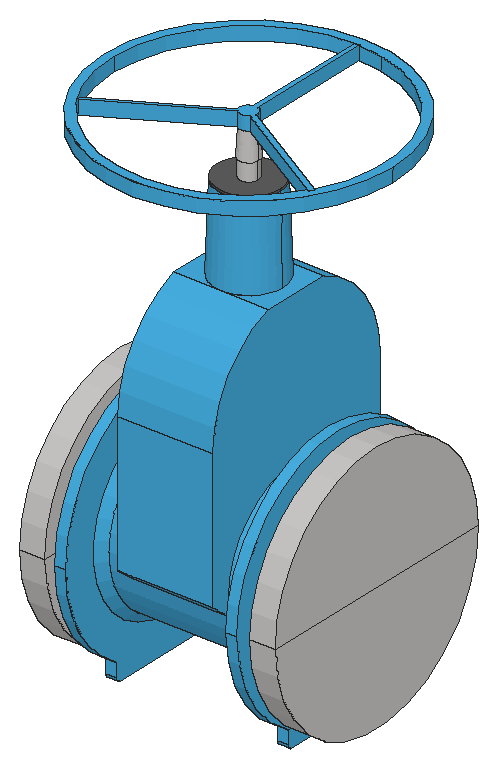
Revit family "Hawle_Задвижка 4000А_DN80-DN300", category Арматура трубопроводов, Revit 2017
Family settings
  Размер круглого соединителя = Использовать диаметр
  Тип детали = Вставляется
  На основе рабочей плоскости = Нет
  Всегда вертикально = Да
  При загрузке вырезать с полостями = Нет
  Общий = Нет
Parameters
  Штурвал [instance] = yes
  Ширина_Корпус [instance] = size_lookup(Таблица размеры, "Ширина_Корпус", 0 mm, DN)  # 105 mm
  Таблица размеры = "Hawle_Задвижка 4000А_DN80-DN300_размеры"  # constant formula
  Разработчик модели (URL) = "http://prorubim.com/ru/"  # constant formula
  Разработчик (телефон) = "+7(495)649-85-43"  # constant formula
  Разработчик (email) = "office@prorubim.com"  # constant formula
  Разработчик = "ООО ПРОРУБИМ"  # constant formula
  Переключатель УГО [instance] = no
  Ответный фланец [instance] = yes
  Описание = "Упругозапирающаяся клиновая задвижка со свободным проходным каналом"  # constant formula
  Низ [instance] = size_lookup(Таблица размеры, "Низ", 0 mm, DN)  # 76 mm
  Материал_Шпиндель = Hawle_Нержавеющая сталь
  Материал_Пыльник = Hawle_PE
  Материал_Фланцы = Hawle_Нержавеющая сталь
  Материал_Корпус = Hawle_Чугун
  Изготовитель телефон = "+7(812)6707670"  # constant formula
  Изготовитель email = "info@hawle-sevkom.ru"  # constant formula
  Изготовитель = "ООО Хавле-Севком"  # constant formula
  Верх [instance] = size_lookup(Таблица размеры, "Верх", 0 mm, DN)  # 70 mm
  f [instance] = size_lookup(Таблица размеры, "f", 0 mm, DN)  # 4 mm
  d4 [instance] = size_lookup(Таблица размеры, "d4", 0 mm, DN)  # 207 mm
  d1/2 [instance] = d1 / 2  # 10 mm
  d1 [instance] = size_lookup(Таблица размеры, "d1", 0 mm, DN)  # 20 mm
  b [instance] = size_lookup(Таблица размеры, "b", 0 mm, DN)  # 16 mm
  a/2 [instance] = a / 2  # 9.65 mm
  a [instance] = size_lookup(Таблица размеры, "a", 0 mm, DN)  # 19.3 mm
  URL = "https://www.hawle.ru/"
  Sh [instance] = if(Штурвал, 1, 0)  # 1
  PN 10/16 [instance] = yes
  PN [instance] = if([PN 10/16], 1, 0)  # 1
  P [instance] = size_lookup(Таблица размеры, "P", 0 mm, DN)  # 95 mm
  L [instance] = size_lookup(Таблица размеры, "L", 0 mm, DN)  # 210 mm
  H [instance] = size_lookup(Таблица размеры, "H", 0 mm, DN)  # 409 mm
  Низ/2 [instance] = Низ / 2  # 38 mm
  Fl [instance] = if(Ответный фланец, 1, 0)  # 1
  Dосн/2 [instance] = size_lookup(Таблица размеры, "Dосн/2", 0 mm, DN)  # 95 mm
  Disc = "Disc"  # constant formula
  DN+10/2 [instance] = (DN + 10 mm) / 2  # 80 mm
  DN [instance] = 150 mm
  фланец_D/2 [instance] = D / 2 + 1 mm  # 143.5 mm
  D/2 [instance] = D / 2  # 142.5 mm
  D [instance] = size_lookup(Таблица размеры, "D", 0 mm, DN)  # 285 mm
  C+10 [instance] = c + 10 mm  # 40 mm
  c [instance] = size_lookup(Таблица размеры, "c", 0 mm, DN)  # 30 mm
  Bolt = "Bolt"  # constant formula
  B/2 [instance] = B / 2  # 115.5 mm
  B [instance] = size_lookup(Таблица размеры, "B", 0 mm, DN)  # 231 mm
  ADSK_Тип болта [instance] = size_lookup(Bolt, "", "", DN, PN)  # "М20"
  ADSK_Расход жидкости [instance] = 0.0 L/s
  ADSK_Примечание = ""
  ADSK_Позиция = ""
  ADSK_Перепад давления на клапане ΔР [instance] = 0.0 Pa
  ADSK_Обозначение = "EN 558-1 GR14"  # constant formula
  ADSK_Наименование [instance] = size_lookup(Disc, "", "", DN, Sh, PN, Fl)  # "Задвижка Hawle клиновая фланцевая DN150 PN16 со штурвалом №7800, с обратными фланцами"
  ADSK_Масса [instance] = size_lookup(Таблица размеры, "ADSK_Масса", 0, DN)  # 26.5
  ADSK_Количество болтов [instance] = size_lookup(Bolt, "ADSK_Количество болтов", 0, DN, PN)  # 8
  ADSK_Код изделия = "4000А"  # constant formula
  ADSK_Завод-изготовитель = "Hawle"  # constant formula
  ADSK_Единица измерения = "Шт."  # constant formula
Reference planes
  plane 1 "По центру (Вперед/Назад)": y = 0
  plane 2: z = 0
  plane 3 "По центру (Влево/Вправо)": x = 0
  plane 4: z = 409
  plane 5: x = -105
  plane 6: x = -101
  plane 7 "1": x = -89
  plane 8: x = 105
  plane 9: x = 101
  plane 10 "2": x = 89
  plane 11: z = -95
  plane 12: z = 95
  plane 13: x = -79
  plane 14: z = 105
  plane 15: x = 79
  plane 16: y = 115.5
  plane 17: x = -52.5
  plane 18: x = 52.5
  plane 19: y = -115.5
  plane 20: z = 262
  plane 21: y = 71.25
  plane 22: y = -71.25
  plane 23: y = -41.25
  plane 24: z = -143.5
  plane 25: y = 66.25
  plane 26: z = -138.5
  plane 27: y = -66.25
  plane 28: z = -143.5
  plane 29: y = -71.25
  plane 30: y = 71.25
  plane 31: z = -138.5
  plane 32: y = -66.25
  plane 33: y = 66.25
  plane 34: z = 379
  plane 35: z = 357
  plane 36: z = 359
  plane 37: x = -10
  plane 38: x = -9.65
  plane 39: y = 38
  plane 40: y = -38
Forms (mm)
  Extrusion 1, solid, material "Hawle_Чугун" <- "Материал_Корпус", detail levels fine
    sketch origin (0, 0, 0) x (0, 1, 0) y (0, 0, 1)
      loop
        circle (0, 0) r 142.5
    from 89 to 101
  Extrusion 2, solid, material "Hawle_Чугун" <- "Материал_Корпус", detail levels fine
    sketch origin (0, 0, 0) x (0, 1, 0) y (0, 0, 1)
      loop
        circle (0, 0) r 103.5
    from -105 to -101
  Extrusion 3, solid, material "Hawle_Чугун" <- "Материал_Корпус", detail levels fine
    sketch origin (0, 0, 0) x (0, 1, 0) y (0, 0, 1)
      loop
        circle (0, 0) r 103.5
    from 101 to 105
  Revolve 4, solid, material "Hawle_Чугун" <- "Материал_Корпус", detail levels fine
    sketch origin (0, 0, 0) x (1, 0, 0) y (0, 0, 1)
      loop
        line (-89, 105) -> (-89, 0) -> (89, 0) -> (89, 105) -> (79, 95) -> (-79, 95) -> (-89, 105)
      axis (-89, 0) -> (89, 0)
    angle from 0 to 360
  Extrusion 5, solid, material "Hawle_Чугун" <- "Материал_Корпус", detail levels fine
    sketch origin (0, 0, 0) x (0, 1, 0) y (0, 0, 1)
      loop
        circle (0, 0) r 142.5
    from -89 to -101
  Extrusion 6, solid, material "Hawle_Чугун" <- "Материал_Корпус", detail levels fine
    sketch origin (89, 0, 0) x (0, 0, 1) y (0, 1, 0)
      loop
        line (0, 71.25) -> (-138.5, 71.25)
        arc (-138.5, 71.25) -> (-142.036, 69.786) -> (-143.5, 66.25) r 5
        line (-143.5, 66.25) -> (-143.5, -66.25)
        arc (-143.5, -66.25) -> (-142.036, -69.786) -> (-138.5, -71.25) r 5
        line (-138.5, -71.25) -> (0, -71.25) -> (0, 71.25)
    from -12 to 0
  Extrusion 7, solid, material "Hawle_Чугун" <- "Материал_Корпус", detail levels fine
    sketch origin (-89, 0, 0) x (0, 0, 1) y (0, -1, 0)
      loop
        line (0, -71.25) -> (0, 71.25) -> (-138.5, 71.25)
        arc (-138.5, 71.25) -> (-142.036, 69.786) -> (-143.5, 66.25) r 5
        line (-143.5, 66.25) -> (-143.5, -66.25)
        arc (-143.5, -66.25) -> (-142.036, -69.786) -> (-138.5, -71.25) r 5
        line (-138.5, -71.25) -> (0, -71.25)
    from -12 to 0
  Extrusion 8, solid, material "Черный", detail levels fine
    sketch origin (0, 0, 0) x (1, 0, 0) y (0, 1, 0)
      loop
        circle (0, 0) r 35
    from 357 to 359
  Revolve 9, solid, material "Hawle_Нержавеющая сталь" <- "Материал_Шпиндель", detail levels fine
    sketch origin (0, 0, 0) x (1, 0, 0) y (0, 0, 1)
      loop
        line (-10, 359) -> (0, 359) -> (0, 409) -> (-9.65, 409) -> (-11.5, 379) -> (-10, 379) -> (-10, 359)
      axis (0, 409) -> (0, 359)
    angle from 0 to 360
  Blend 10, solid, material "Hawle_Чугун" <- "Материал_Корпус", detail levels fine
    base sketch origin (0, 0, 0) x (1, 0, 0) y (0, 1, 0)
      loop
        circle (0, 0) r 38
    top sketch origin (0, 0, 0) x (1, 0, 0) y (0, 1, 0)
      loop
        circle (0, 0) r 35
    from 262 to 357
  Extrusion 11, solid, material "Hawle_Чугун" <- "Материал_Корпус", detail levels fine
    sketch origin (0, 0, 0) x (0, 1, 0) y (0, 0, 1)
      loop
        line (115.5, 0) -> (115.5, 152.533)
        arc (115.5, 152.533) -> (94.164, 219.595) -> (38, 262) r 116.06
        line (38, 262) -> (-38, 262)
        arc (-38, 262) -> (-94.164, 219.595) -> (-115.5, 152.533) r 116.06
        line (-115.5, 152.533) -> (-115.5, 0) -> (0, -95) -> (115.5, 0)
    from -52.5 to 52.5
Cuts and joins
  joined: Extrusion 1, Extrusion 6
  joined: Extrusion 5, Extrusion 7
  joined: Revolve 4, Blend 10, Extrusion 11
Lines and regions (mm)
  reference lines
    curve 1: line (-105, 0, 0) -> (105, 0, 0)
Dimensions and locks
  "H": plane 4 to plane 2
  "f": plane 6 to plane 5
  "b": plane 7 "1" to plane 5
  "b": plane 10 "2" to plane 8
  "f": plane 9 to plane 8
  "L": plane 8 to plane 5
  equal spacing: plane 12, level, plane 11
  "Dосн/2": plane 12 to plane 2
  locked: plane 15 to plane 10 "2" at 10
  locked: plane 14 to plane 12 at 10
  locked: plane 13 to plane 7 "1" at 10
  equal spacing: plane 8, plane 3 "По центру (Влево/Вправо)", plane 5
  equal spacing: plane 16, plane 1 "По центру (Вперед/Назад)", plane 19
  "B": plane 16 to plane 19
  "D/2": plane 21 to plane 22
  "фланец_D/2": level to plane 24
  equal spacing: plane 21, plane 1 "По центру (Вперед/Назад)", plane 22
  locked: plane 26 to plane 24 at 5
  locked: plane 21 to plane 25 at 5
  locked: plane 27 to plane 22 at 5
  "фланец_D/2": level to plane 28
  equal spacing: plane 29, plane 1 "По центру (Вперед/Назад)", plane 30
  "D/2": plane 29 to plane 30
  locked: plane 31 to plane 28 at 5
  locked: plane 29 to plane 32 at 5
  locked: plane 33 to plane 30 at 5
  equal spacing: plane 17, plane 3 "По центру (Влево/Вправо)", plane 18
  "Ширина_Корпус": plane 17 to plane 18
  locked: plane 36 to plane 35 at 2
  "c": plane 4 to plane 34
  locked: Revolve 9 sketch curve to Revolve 9 sketch curve at 1.5
  "d1/2": plane 3 "По центру (Влево/Вправо)" to plane 37
  "a/2": plane 3 "По центру (Влево/Вправо)" to plane 38
  "Низ/2": plane 39 to plane 1 "По центру (Вперед/Назад)"
  "Низ/2": plane 1 "По центру (Вперед/Назад)" to plane 40
  locked: plane 34 to plane 36 at 20
  "P": plane 35 to plane 20
  "D": diameter of Extrusion 1 sketch curve
  "d4": diameter of Extrusion 2 sketch curve
  "d4": diameter of Extrusion 3 sketch curve
  "D": diameter of Extrusion 5 sketch curve
  "Низ": diameter of Blend 10 sketch curve
  "Верх": diameter of Blend 10 sketch curve
  "Верх": diameter of Extrusion 8 sketch curve
  aligned and locked: level to plane 2
  aligned and locked: Extrusion 1 to plane 10 "2"
  aligned and locked: Extrusion 1 to plane 9
  aligned and locked: Extrusion 2 to plane 5
  aligned and locked: plane 6 to Extrusion 2
  aligned and locked: plane 9 to Extrusion 3
  aligned and locked: Extrusion 3 to plane 8
  aligned and locked: Revolve 4 sketch curve to plane 2  (x2)
  aligned and locked: plane 14 to Revolve 4 sketch curve
  aligned and locked: plane 7 "1" to Revolve 4 sketch curve  (x2)
  aligned and locked: plane 13 to Revolve 4 sketch curve
  aligned and locked: Revolve 4 sketch curve to plane 12
  aligned and locked: Revolve 4 sketch curve to plane 15
  aligned and locked: plane 12 to Revolve 4 sketch curve
  aligned and locked: plane 10 "2" to Revolve 4 sketch curve
  aligned and locked: Revolve 4 sketch curve to plane 14
  aligned and locked: plane 1 "По центру (Вперед/Назад)" to Extrusion 5 sketch curve
  aligned and locked: plane 2 to Extrusion 5 sketch curve
  aligned and locked: plane 7 "1" to Extrusion 5
  aligned and locked: Extrusion 5 to plane 6
  aligned and locked: plane 26 to Extrusion 6 sketch curve  (x2)
  aligned and locked: Extrusion 6 sketch curve to plane 21
  aligned and locked: Extrusion 6 sketch curve to plane 25
  aligned and locked: Extrusion 6 sketch curve to plane 24
  aligned and locked: plane 27 to Extrusion 6 sketch curve
  aligned and locked: Extrusion 6 sketch curve to plane 22
  aligned and locked: Extrusion 7 sketch curve to plane 28
  aligned and locked: Extrusion 7 sketch curve to plane 33
  aligned and locked: plane 31 to Extrusion 7 sketch curve  (x2)
  aligned and locked: Extrusion 7 sketch curve to plane 30
  aligned and locked: Extrusion 7 sketch curve to plane 29
  aligned and locked: Extrusion 7 sketch curve to plane 32
  aligned and locked: Extrusion 7 to plane 6
  aligned and locked: plane 7 "1" to Extrusion 7
  aligned and locked: plane 5 to curve 1
  aligned and locked: plane 8 to curve 1
  aligned and locked: curve 1 to plane 2
  aligned and locked: plane 1 "По центру (Вперед/Назад)" to nested 1
  aligned and locked: plane 3 "По центру (Влево/Вправо)" to nested 1
  aligned and locked: nested 1 to plane 4
  aligned and locked: plane 1 "По центру (Вперед/Назад)" to nested 2
  aligned and locked: plane 3 "По центру (Влево/Вправо)" to nested 2
  aligned and locked: cut or joined group of Extrusion 1, Extrusion 6 to plane 9
  aligned and locked: cut or joined group of Extrusion 1, Extrusion 6 to plane 10 "2"
  aligned and locked: plane 2 to nested 3
  aligned and locked: nested 4 to plane 2
  aligned and locked: Extrusion 8 to plane 35
  aligned and locked: plane 36 to Extrusion 8
  aligned and locked: Revolve 9 sketch curve to plane 3 "По центру (Влево/Вправо)"
  aligned and locked: plane 36 to Revolve 9 sketch curve
  aligned and locked: plane 34 to Revolve 9 sketch curve
  aligned and locked: plane 37 to Revolve 9 sketch curve
  aligned and locked: plane 38 to Revolve 9 sketch curve
  aligned and locked: Revolve 9 sketch curve to plane 4
  aligned and locked: plane 3 "По центру (Влево/Вправо)" to Blend 10 sketch curve
  aligned and locked: plane 1 "По центру (Вперед/Назад)" to Blend 10 sketch curve
  aligned and locked: plane 35 to Blend 10
  aligned and locked: plane 2 to Extrusion 7 sketch curve  (x2)
  aligned and locked: plane 2 to Extrusion 6 sketch curve  (x2)
  aligned and locked: Extrusion 11 to plane 17
  aligned and locked: Extrusion 11 to plane 18
  aligned and locked: Extrusion 11 sketch curve to plane 16
  aligned and locked: plane 19 to Extrusion 11 sketch curve
  aligned and locked: Extrusion 11 sketch curve to plane 20
  aligned and locked: plane 40 to Extrusion 11 sketch curve
  aligned and locked: Blend 10 to plane 20
  aligned and locked: plane 11 to Extrusion 11 sketch curve
  aligned and locked: plane 2 to Extrusion 11 sketch curve  (x2)
  aligned and locked: nested 3 to plane 5
  aligned and locked: plane 8 to nested 4
  aligned and locked: nested 4 to level
  aligned and locked: level to nested 3
  aligned and locked: plane 1 "По центру (Вперед/Назад)" to nested 4
  aligned and locked: nested 3 to plane 1 "По центру (Вперед/Назад)"
Automatic sketch dimensions
  Revolve 4 sketch curve to plane 8 = 27.975 mm
  Revolve 4 sketch curve to Revolve 4 sketch curve = 12.513 mm
  Extrusion 1 sketch curve to level = 0 mm
  Extrusion 1 sketch curve to plane 1 "По центру (Вперед/Назад)" = 0 mm
  Extrusion 2 sketch curve to level = 0 mm
  Extrusion 2 sketch curve to plane 1 "По центру (Вперед/Назад)" = 0 mm
  Extrusion 3 sketch curve to level = 0 mm
  Extrusion 3 sketch curve to plane 1 "По центру (Вперед/Назад)" = 0 mm
  plane 1 "По центру (Вперед/Назад)" to Extrusion 8 sketch curve = 0 mm
  Extrusion 8 sketch curve to plane 3 "По центру (Влево/Вправо)" = 0 mm
  Revolve 9 sketch curve to plane 3 "По центру (Влево/Вправо)" = 0 mm
  Revolve 9 sketch curve to Revolve 9 sketch curve = 9.163 mm
  Revolve 9 sketch curve to Revolve 9 sketch curve = 10 mm
  plane 1 "По центру (Вперед/Назад)" to Blend 10 sketch curve = 0 mm
  Blend 10 sketch curve to plane 3 "По центру (Влево/Вправо)" = 0 mm
  Extrusion 11 sketch curve to plane 1 "По центру (Вперед/Назад)" = 0 mm
  Extrusion 11 sketch curve to plane 39 = 0 mm
  plane 1 "По центру (Вперед/Назад)" to Extrusion 11 sketch curve = 0.56 mm
  Extrusion 11 sketch curve to plane 1 "По центру (Вперед/Назад)" = 0.56 mm
Nested families
  nested 1: "Штурвал" at (0, 0, 409), visible <- "Штурвал", Материал_штурвал <- "Материал_Корпус", DN <- "DN", type "Штурвал", detail levels fine
    with Материал_штурвал Hawle_Чугун, Крепление_штурвал 20 mm, r 150 mm, h 15 mm, VK 19.3 mm, D_штурвала 320 mm, DN 150 mm, D-20 300 mm, ADSK_Масса 2.3
  nested 2: "УГО_Задвижка" at (0, 0, 0), Длина_ном <- "L", Высота_ном <- "DN", Переключатель УГО <- "Переключатель УГО", type "УГО_Задвижка", detail levels coarse+medium
    with УГО yes, Переключатель УГО no, Длина_ном 210 mm, Высота_ном 150 mm
  nested 3: "Фланец ГОСТ 33259—2015" at (-141.4, 0, 0) x (-1, 0, 0) z (0, 0, 1), DN <- "DN", visible <- "Ответный фланец", Переключатель УГО <- "Переключатель УГО", Материал фланца <- "Материал_Фланцы", type "Фланец ГОСТ 33259—2015"
    with УГО yes, Переключатель УГО no, Материал фланца Hawle_Нержавеющая сталь, h 8.4 mm, db 154 mm, d 18 mm, b 28 mm, DN 150 mm, D 280 mm, ADSK_Наименование "Фланец стальной приварной DN150", ADSK_Масса 8.21, 2d 36 mm
  nested 4: "Фланец ГОСТ 33259—2015" at (141.4, 0, 0), DN <- "DN", visible <- "Ответный фланец", Переключатель УГО <- "Переключатель УГО", Материал фланца <- "Материал_Фланцы", type "Фланец ГОСТ 33259—2015"
    with УГО yes, Переключатель УГО no, Материал фланца Hawle_Нержавеющая сталь, h 8.4 mm, db 154 mm, d 18 mm, b 28 mm, DN 150 mm, D 280 mm, ADSK_Наименование "Фланец стальной приварной DN150", ADSK_Масса 8.21, 2d 36 mm
Connectors
  piping at (105, 0, 0), diameter 150, driven by "DN", driven by "ADSK_Расход жидкости", driven by "ADSK_Перепад давления на клапане ΔР"
    settings: on curve 1, index 1, connector inside diameter 609.6 mm, connector length 0 mm, flow factor 0, pipe flow 0.0 L/s, pressure drop 0.0 Pa, fitting loss kfactor 0, connector angle 0.00°, fixture units 0, engagement length 0 mm, angle of deflection 0.00°, flow configuration 0, flow direction 0, fitting loss method 4, system type 28, joint type 0, gender type 0, connector reference index 2, connector utility 0, adjustable connector yes, is connector primary no, connector description ""
  piping at (-105, 0, 0), diameter 150, driven by "DN", driven by "ADSK_Расход жидкости", driven by "ADSK_Перепад давления на клапане ΔР"
    settings: on curve 1, index 2, connector inside diameter 609.6 mm, connector length 0 mm, flow factor 0, pipe flow 0.0 L/s, pressure drop 0.0 Pa, fitting loss kfactor 0, connector angle 0.00°, fixture units 0, engagement length 0 mm, angle of deflection 0.00°, flow configuration 0, flow direction 0, fitting loss method 4, system type 28, joint type 0, gender type 0, connector reference index 1, connector utility 0, adjustable connector yes, is connector primary yes, connector description ""
Definition of nested family "Штурвал"
  Parameters (values of type "Штурвал")
    Таблица_размеры = "Штурвал"  # constant formula
    Материал_штурвал [instance] = none
    Крепление_штурвал [instance] = 20 mm
    r [instance] = (D_штурвала - 20 mm) / 2  # 233 mm
    h [instance] = 15 mm  # constant formula
    VK [instance] = size_lookup(Таблица_размеры, "VK", 10.3 mm, DN)  # 27.3 mm
    D_штурвала [instance] = size_lookup(Таблица_размеры, "D_штурвала", 140 mm, DN)  # 486 mm
    DN [instance] = 250 mm
    D-20 [instance] = D_штурвала - 20 mm  # 466 mm
    ADSK_Примечание = ""
    ADSK_Позиция = ""
    ADSK_Обозначение = ""
    ADSK_Наименование = "Штурвал"  # constant formula
    ADSK_Масса [instance] = size_lookup(Таблица_размеры, "ADSK_Масса", 0, DN)  # 4.8
    ADSK_Код изделия = "7800"  # constant formula
    ADSK_Завод-изготовитель = "Hawle"  # constant formula
    ADSK_Единица измерения = "Шт."  # constant formula
  Reference planes
    plane 1 "По центру (Вперед/Назад)": y = 0
    plane 2: z = 0
    plane 3 "По центру (Влево/Вправо)": x = 0
    plane 4: z = 15
    plane 5: z = -20
  Forms (mm)
    Extrusion 1, solid, material <- "Материал_штурвал"
      sketch origin (0, 0, 0) x (1, 0, 0) y (0, 1, 0)
        loop
          circle (0, 0) r 243
        loop
          arc (27.904, 231.323) -> (-154.093, 174.769) -> (-232.996, 1.288) r 233
          arc (-232.996, 1.288) -> (-152.408, -176.241) -> (34.891, -230.373) r 233
          arc (34.891, -230.373) -> (232.973, 3.526) -> (27.904, 231.323) r 233
      from 15 to 0
    Extrusion 2, solid, material <- "Материал_штурвал"
      sketch origin (0, 0, 0) x (1, 0, 0) y (0, 1, 0)
        loop
          circle (0, 0) r 13.65
      from 0 to 15
    Extrusion 3, solid, material <- "Материал_штурвал"
      sketch origin (0, 0, 0) x (1, 0, 0) y (0, 1, 0)
        loop
          line (-2.5, 1.443) -> (-203.034, -114.335) -> (-200.534, -118.665) -> (0, -2.887) -> (200.534, -118.665) -> (203.034, -114.335) -> (2.5, 1.443) -> (2.5, 233) -> (-2.5, 233) -> (-2.5, 1.443)
      from 0 to 15
  Cuts and joins
    joined: Extrusion 2, Extrusion 3
  Lines and regions (mm)
    reference lines
      curve 1: line (0, 0, 0) -> (-201.784, -116.5, 0)
      curve 2: line (0, 0, 0) -> (201.784, -116.5, 0)
      curve 3: line (0, 0, 0) -> (0, 233, 0)
  Dimensions and locks
    "h": plane 4 to plane 2
    "Крепление_штурвал": level to plane 5
    "r": curve 1 to curve 1
    Extrusion 3 sketch curve to curve 1 to Extrusion 3 sketch curve = 2.5 mm locked, 2.5 mm locked
    Extrusion 3 sketch curve to curve 2 to Extrusion 3 sketch curve = 2.5 mm locked, 2.5 mm locked
    Extrusion 3 sketch curve to curve 3 to Extrusion 3 sketch curve = 2.5 mm locked, 2.5 mm locked
    "r": curve 2 to curve 2
    "r": curve 3 to curve 3
    "D_штурвала": diameter of Extrusion 1 sketch curve
    "D-20": diameter of Extrusion 1 sketch curve
    "VK": diameter of Extrusion 2 sketch curve
    locked: Extrusion 3 sketch curve to Extrusion 3 sketch curve (angle 120.00°)  (x5)
    angle Extrusion 3 sketch curve to Extrusion 3 sketch curve = 120.00°
    locked: plane 1 "По центру (Вперед/Назад)" to curve 1 (angle 30.00°)
    locked: curve 2 to plane 1 "По центру (Вперед/Назад)" (angle 30.00°)
    aligned and locked: level to plane 2
    aligned and locked: plane 4 to Extrusion 2
    aligned and locked: Extrusion 2 to plane 2
    aligned and locked: Extrusion 3 to level
    aligned and locked: Extrusion 3 to plane 4
    aligned and locked: Extrusion 3 sketch curve to curve 1
    aligned and locked: Extrusion 3 sketch curve to curve 2
    aligned and locked: Extrusion 3 sketch curve to curve 3
    aligned and locked: plane 3 "По центру (Влево/Вправо)" to curve 1
    aligned and locked: plane 1 "По центру (Вперед/Назад)" to curve 1
  Automatic sketch dimensions
    Extrusion 1 sketch curve to Extrusion 1 sketch curve = 0 mm  (x12)
    plane 1 "По центру (Вперед/Назад)" to Extrusion 1 sketch curve = 0 mm
    Extrusion 1 sketch curve to plane 3 "По центру (Влево/Вправо)" = 0 mm
    Extrusion 1 sketch curve to plane 1 "По центру (Вперед/Назад)" = 1.288 mm
    plane 3 "По центру (Влево/Вправо)" to Extrusion 1 sketch curve = 27.904 mm
    plane 3 "По центру (Влево/Вправо)" to Extrusion 1 sketch curve = 34.891 mm
    plane 1 "По центру (Вперед/Назад)" to Extrusion 2 sketch curve = 0 mm
    Extrusion 2 sketch curve to plane 3 "По центру (Влево/Вправо)" = 0 mm
Definition of nested family "Фланец ГОСТ 33259—2015"
  Parameters (values of type "Фланец ГОСТ 33259—2015")
    УГО [instance] = not(Переключатель УГО)  # yes
    Таблица_наименование = "Фланец ГОСТ 12820-80"  # constant formula
    Переключатель УГО [instance] = no
    Материал фланца [instance] = none
    h [instance] = b * 0.3  # 4.8 mm
    db [instance] = size_lookup(Таблица_наименование, "db", 19 mm, DN)  # 26 mm
    d [instance] = size_lookup(Таблица_наименование, "d", 11 mm, DN)  # 11 mm
    b [instance] = size_lookup(Таблица_наименование, "b", 14 mm, DN)  # 16 mm
    DN [instance] = 20 mm
    D [instance] = size_lookup(Таблица_наименование, "D", 95 mm, DN)  # 105 mm
    ADSK_Примечание = ""
    ADSK_Позиция = ""
    ADSK_Обозначение = "ГОСТ 12820-80"  # constant formula
    ADSK_Наименование [instance] = size_lookup(Таблица_наименование, "", "ОШИБКА", DN)  # "Фланец стальной приварной DN20"
    ADSK_Масса [instance] = size_lookup(Таблица_наименование, "m", 0, DN)  # 0.86
    ADSK_Код изделия = ""
    ADSK_Завод-изготовитель = ""
    ADSK_Единица измерения = "шт"  # constant formula
    2d [instance] = d * 2  # 22 mm
  Reference planes
    plane 1 "По центру (Вперед/Назад)": y = 0
    plane 2: z = 0
    plane 3 "По центру (Влево/Вправо)": x = 0
    plane 4: x = -16
    plane 5: x = -20.8
    plane 6: y = 52.5
    plane 7: y = -52.5
    plane 8: y = 13
    plane 9: y = -13
    plane 10: y = 30.5
    plane 11: x = -10.4
  Forms (mm)
    Revolve 1, solid, material <- "Материал фланца", detail levels fine
      sketch origin (0, 0, 0) x (1, 0, 0) y (0, 1, 0)
        loop
          line (0, 0) -> (0, 52.5) -> (-16, 52.5) -> (-16, 35.3) -> (-20.8, 30.5) -> (-20.8, 0) -> (0, 0)
        axis (-20.8, 0) -> (0, 0)
      angle from 0 to 360
  Dimensions and locks
    "b": plane 4 to plane 3 "По центру (Влево/Вправо)"
    "h": plane 5 to plane 4
    equal spacing: plane 6, plane 1 "По центру (Вперед/Назад)", plane 7
    "D": plane 6 to plane 7
    equal spacing: plane 8, plane 1 "По центру (Вперед/Назад)", plane 9
    "db": plane 8 to plane 9
    "2d": plane 6 to plane 10
    equal spacing: plane 5, plane 11, plane 3 "По центру (Влево/Вправо)"
    locked: plane 10 to Revolve 1 sketch curve (angle 45.00°)
    aligned and locked: level to plane 2
    aligned and locked: plane 3 "По центру (Влево/Вправо)" to Revolve 1 sketch curve
    aligned and locked: plane 5 to Revolve 1 sketch curve  (x2)
    aligned and locked: plane 10 to Revolve 1 sketch curve
    aligned and locked: Revolve 1 sketch curve to plane 6
    aligned and locked: plane 4 to Revolve 1 sketch curve
    aligned and locked: plane 1 "По центру (Вперед/Назад)" to Revolve 1 sketch curve  (x2)
    aligned and locked: plane 1 "По центру (Вперед/Назад)" to nested 1
    aligned and locked: plane 11 to nested 1
  Automatic sketch dimensions
    Revolve 1 sketch curve to plane 3 "По центру (Влево/Вправо)" = 0 mm
  Nested families
    nested 1: "УГО_Фланец" at (-10.4, 0, 0), L <- "D", Переключаетль УГО <- "Переключатель УГО", type "УГО_Фланец", detail levels coarse+medium
      with УГО yes, Переключаетль УГО no, L 105 mm
  Definition of nested family "УГО_Фланец"
    Parameters (values of type "УГО_Фланец")
      УГО [instance] = not(Переключаетль УГО)  # yes
      Переключаетль УГО [instance] = no
      L [instance] = 360 mm
    Reference planes
      plane 1 "По центру (Вперед/Назад)": y = 0
      plane 2: z = 0
      plane 3 "По центру (Влево/Вправо)": x = 0
      plane 4: y = 180
      plane 5: y = -180
      plane 6: z = 180
      plane 7: z = -180
    Lines and regions (mm)
      symbolic lines
        curve 1: line (0, 180, 0) -> (0, -180, 0)
      model lines, visible <- "Переключаетль УГО"
        curve 2: line (0, 0, 180) -> (0, 0, -180)
      model lines, visible <- "УГО"
        curve 3: line (0, 180, 0) -> (0, -180, 0)
    Dimensions and locks
      equal spacing: plane 4, plane 1 "По центру (Вперед/Назад)", plane 5
      "L": plane 4 to plane 5
      equal spacing: plane 6, plane 2, plane 7
      "L": plane 6 to plane 7
      aligned and locked: level to plane 2
      aligned and locked: plane 4 to curve 1
      aligned and locked: curve 1 to plane 3 "По центру (Влево/Вправо)"
      aligned and locked: plane 5 to curve 1
      aligned and locked: plane 6 to curve 2
      aligned and locked: curve 2 to plane 3 "По центру (Влево/Вправо)"
      aligned and locked: plane 7 to curve 2
      aligned and locked: plane 4 to curve 3
      aligned and locked: plane 5 to curve 3
      aligned and locked: curve 3 to plane 3 "По центру (Влево/Вправо)"
Definition of nested family "УГО_Задвижка"
  Parameters (values of type "УГО_Задвижка")
    УГО [instance] = not(Переключатель УГО)  # yes
    Переключатель УГО [instance] = no
    Длина_ном [instance] = 60 mm
    Высота_ном [instance] = 20 mm
  Reference planes
    plane 1 "По центру (Вперед/Назад)": y = 0
    plane 2: z = 0
    plane 3 "По центру (Влево/Вправо)": x = 0
    plane 4: z = 10
    plane 5: z = -10
    plane 6: x = -30
    plane 7: x = 30
    plane 8: y = 10
    plane 9: y = -10
  Lines and regions (mm)
    model lines, visible <- "УГО"
      curve 1: line (-30, 10, 0) -> (-30, -10, 0)
      curve 2: line (30, 10, 0) -> (30, -10, 0)
      curve 3: line (-30, -10, 0) -> (30, 10, 0)
      curve 4: line (-30, 10, 0) -> (30, -10, 0)
      curve 13: line (0, 10, 0) -> (0, -10, 0)
    symbolic lines
      curve 5: line (30, -10, 0) -> (30, 10, 0)
      curve 6: line (-30, -10, 0) -> (-30, 10, 0)
      curve 7: line (-30, -10, 0) -> (30, 10, 0)
      curve 8: line (-30, 10, 0) -> (30, -10, 0)
      curve 14: line (0, 10, 0) -> (0, -10, 0)
    model lines, visible <- "Переключатель УГО"
      curve 9: line (-30, 0, -10) -> (-30, 0, 10)
      curve 10: line (30, 0, -10) -> (30, 0, 10)
      curve 11: line (-30, 0, -10) -> (30, 0, 10)
      curve 12: line (-30, 0, 10) -> (30, 0, -10)
      curve 15: line (0, 0, 10) -> (0, 0, -10)
  Dimensions and locks
    equal spacing: plane 4, plane 2, plane 5
    "Высота_ном": plane 4 to plane 5
    equal spacing: plane 6, plane 3 "По центру (Влево/Вправо)", plane 7
    equal spacing: plane 8, plane 1 "По центру (Вперед/Назад)", plane 9
    "Длина_ном": plane 6 to plane 7
    "Высота_ном": plane 8 to plane 9
    aligned and locked: level to plane 2
    aligned and locked: curve 1 to plane 6
    aligned and locked: curve 2 to plane 7
    aligned and locked: plane 9 to curve 5
    aligned and locked: plane 8 to curve 5
    aligned and locked: plane 9 to curve 6
    aligned and locked: plane 8 to curve 6
    aligned and locked: plane 6 to curve 6
    aligned and locked: plane 7 to curve 5
    aligned and locked: plane 5 to curve 9
    aligned and locked: plane 4 to curve 9
    aligned and locked: plane 5 to curve 10
    aligned and locked: plane 4 to curve 10
    aligned and locked: plane 7 to curve 10
    aligned and locked: plane 6 to curve 9
    aligned and locked: plane 8 to curve 13
    aligned and locked: curve 13 to plane 3 "По центру (Влево/Вправо)"
    aligned and locked: plane 9 to curve 13
    aligned and locked: plane 8 to curve 14
    aligned and locked: plane 9 to curve 14
    aligned and locked: curve 14 to plane 3 "По центру (Влево/Вправо)"
    aligned and locked: plane 4 to curve 15
    aligned and locked: plane 5 to curve 15
    aligned and locked: curve 15 to plane 3 "По центру (Влево/Вправо)"
